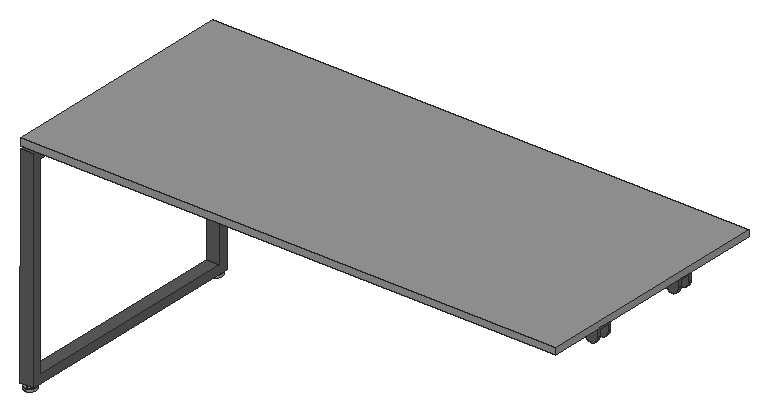
Revit family "Haworth_Tibas_Desk_Rectangular_EU_PRELIMINARY1", category Furniture, Revit 2019 (continued)
Definition of nested family "Haworth_Tibas_CableManagement_HorizontalCableTraySingle_PART"
  Reference planes (cm)
    plane 4 "Top": z = 45
    plane 5: z = 35
    plane 6: x = -89.6859
    plane 7: x = 58.3141
    plane 8: y = -19.21
    plane 9: y = -39.21
    plane 10: x = 32.3641
    plane 11: x = -63.7359
    plane 12: x = -17.9359
    plane 13: x = -13.4359
    plane 14: x = -82.7859
    plane 15: x = 51.4141
  Forms (cm)
    Extrusion 1, solid, material <- "Cable Tray Finish"
      sketch origin (-15.6859, 0, 0) x (0, 1, 0) y (0, 0, 1)
        loop
          arc (-37.3642, 35.0342) -> (-37.3263, 35.0089) -> (-37.2816, 35) r 0.1168
          line (-37.2816, 35) -> (-23.4537, 35)
          arc (-23.4537, 35) -> (-23.3662, 35.0362) -> (-23.33, 35.1237) r 0.1237
          line (-23.33, 35.1237) -> (-23.33, 38.32) -> (-23.43, 38.32) -> (-23.43, 35.1) -> (-37.2886, 35.1) -> (-38.9273, 36.7387) -> (-38.3836, 36.2092) -> (-38.3129, 36.2799) -> (-38.8753, 36.8423)
          arc (-38.8753, 36.8423) -> (-39.0238, 36.8423) -> (-39.0238, 36.6938) r 0.105
          line (-39.0238, 36.6938) -> (-37.3642, 35.0342)
      from -74 to 74
    Extrusion 2, solid, material <- "Cable Tray Finish"
      sketch origin (-15.6859, 0, 0) x (0, 1, 0) y (0, 0, 1)
        loop
          line (-19.31, 44.6) -> (-19.31, 42.7) -> (-19.21, 42.7) -> (-19.21, 44.575)
          arc (-19.21, 44.575) -> (-19.2466, 44.6634) -> (-19.335, 44.7) r 0.125
          line (-19.335, 44.7) -> (-23.305, 44.7)
          arc (-23.305, 44.7) -> (-23.3934, 44.6634) -> (-23.43, 44.575) r 0.125
          line (-23.43, 44.575) -> (-23.43, 38.32) -> (-23.33, 38.32) -> (-23.33, 44.6) -> (-19.31, 44.6)
      from -48.05 to 48.05
    Extrusion 3, void
      sketch origin (0, -29.21, 0) x (1, 0, 0) y (0, 0, 1)
        loop
          line (-17.9359, 45) -> (-17.9359, 43.7)
          arc (-17.9359, 43.7) -> (-18.2288, 42.9929) -> (-18.9359, 42.7) r 1
          line (-18.9359, 42.7) -> (-12.4359, 42.7)
          arc (-12.4359, 42.7) -> (-13.143, 42.9929) -> (-13.4359, 43.7) r 1
          line (-13.4359, 43.7) -> (-13.4359, 45) -> (-17.9359, 45)
      from -20.6953 to 2.1375
    Extrusion 4, void
      sketch origin (0, 0, 0) x (1, 0, 0) y (0, 1, 0)
        loop
          line (-82.7859, -27.3866) -> (-89.6859, -27.3866) -> (-89.6859, -33.3466) -> (-82.7859, -33.3466) -> (-82.7859, -27.3866)
      from 0 to 71.12
    Extrusion 5, void
      sketch origin (-31.3718, 0, 0) x (-1, 0, 0) y (0, -1, 0)
        loop
          line (-82.7859, 27.3866) -> (-82.7859, 33.3466) -> (-89.6859, 33.3466) -> (-89.6859, 27.3866) -> (-82.7859, 27.3866)
      from 0 to 71.12
  Cuts and joins
    Extrusion 4, Extrusion 5 cuts Extrusion 1
    Extrusion 3 cuts Extrusion 2
    joined: Extrusion 1, Extrusion 2
  Lines and regions (cm)
    Masking region 1
      outline origin (0, 0, 0) x (1, 0, 0) y (0, 1, 0)
        loop
          line (-89.6859, -19.21) -> (-89.6859, -39.21) -> (58.3141, -39.21) -> (58.3141, -19.21) -> (-89.6859, -19.21)
  Dimensions and locks (cm)
    "Actual Height": plane 4 "Top" to plane 1
    equal spacing: plane 8, plane 3 "Center F/B", plane 9
    "Actual Depth": plane 8 to plane 9
    equal spacing: plane 6, plane 2 "Center L/R", plane 7
    "Actual Width": plane 6 to plane 7
    "Actual Height": plane 4 "Top" to level
    locked: plane 5 to plane 4 "Top" at 10
    locked: plane 10 to plane 7 at 25.95
    locked: plane 6 to plane 11 at 25.95
    locked: plane 6 to plane 14 at 6.9
    locked: plane 15 to plane 7 at 6.9
    aligned and locked: Masking region 1 sketch curve to plane 8
    aligned and locked: Masking region 1 sketch curve to plane 6
    aligned and locked: Masking region 1 sketch curve to plane 9
    aligned and locked: plane 7 to Masking region 1 sketch curve
    aligned and locked: plane 6 to Extrusion 1
    aligned and locked: Extrusion 1 to plane 7
    aligned and locked: Extrusion 2 to plane 10
    aligned and locked: plane 11 to Extrusion 2
    aligned and locked: Extrusion 3 sketch curve to plane 13
    aligned and locked: Extrusion 3 sketch curve to plane 12
    aligned and locked: Extrusion 3 sketch curve to plane 4 "Top"
    aligned and locked: Extrusion 4 sketch curve to plane 6
    aligned and locked: Extrusion 5 sketch curve to plane 15
  Automatic sketch dimensions
    plane 5 to Extrusion 1 sketch curve = 0 cm
    Extrusion 1 sketch curve to plane 9 = 0.1862 cm
    Extrusion 1 sketch curve to Extrusion 1 sketch curve = 0.0742 cm  (x2)
    Extrusion 1 sketch curve to Extrusion 1 sketch curve = 0.0223 cm
    Extrusion 1 sketch curve to Extrusion 1 sketch curve = 0.5437 cm
    Extrusion 1 sketch curve to Extrusion 1 sketch curve = 0.0707 cm  (x2)
    Extrusion 1 sketch curve to plane 5 = 0.0342 cm
    Extrusion 1 sketch curve to Extrusion 1 sketch curve = 0.007 cm
    Extrusion 1 sketch curve to Extrusion 1 sketch curve = 0.1 cm
    Extrusion 1 sketch curve to Extrusion 1 sketch curve = 0.0168 cm
    Extrusion 1 sketch curve to plane 5 = 1.2092 cm
    Extrusion 1 sketch curve to Extrusion 1 sketch curve = 0.1485 cm
    Extrusion 1 sketch curve to Extrusion 1 sketch curve = 0.0293 cm
    Extrusion 1 sketch curve to Extrusion 1 sketch curve = 3.1963 cm
    Extrusion 2 sketch curve to plane 8 = 0 cm
    Extrusion 2 sketch curve to Extrusion 2 sketch curve = 0.1 cm  (x2)
    Extrusion 2 sketch curve to Extrusion 2 sketch curve = 0.025 cm  (x3)
    Extrusion 2 sketch curve to plane 4 "Top" = 0.3 cm
    Extrusion 2 sketch curve to Extrusion 2 sketch curve = 1.875 cm
    Extrusion 2 sketch curve to plane 5 = 3.32 cm
    Extrusion 3 sketch curve to Extrusion 3 sketch curve = 1 cm
    Extrusion 3 sketch curve to plane 13 = 1 cm
    Extrusion 3 sketch curve to plane 4 "Top" = 1.3 cm  (x2)
    Extrusion 3 sketch curve to Extrusion 3 sketch curve = 0 cm  (x3)
    Extrusion 4 sketch curve to plane 14 = 0 cm
    Extrusion 4 sketch curve to plane 3 "Center F/B" = 1.8234 cm
    Extrusion 5 sketch curve to plane 7 = 0 cm
    plane 3 "Center F/B" to Extrusion 5 sketch curve = 1.8234 cm
    Extrusion 1 sketch curve to plane 8 = 4.2437 cm
    Extrusion 1 sketch curve to Extrusion 1 sketch curve = 0.0237 cm
    Extrusion 2 sketch curve to Extrusion 2 sketch curve = 3.97 cm
    Extrusion 1 sketch curve to Extrusion 1 sketch curve = 1.0194 cm
    Extrusion 1 sketch curve to plane 5 = 0.1 cm
    plane 3 "Center F/B" to Extrusion 4 sketch curve = 4.1366 cm
    Extrusion 5 sketch curve to plane 3 "Center F/B" = 4.1366 cm
Definition of nested family "Haworth_Tibas_CableManagement_HorizontalCableTraySingleWire_PART"
  Parameters (values of type "Wire Basket")
    Warranty = "http://www.haworth.com/resources/product-info/warranties"
    URL = "www.haworth.com"
    Trim Finish = none
    Size = "Verify Final Dim. w/ Haworth"  # constant formula
    Revision Number = "1"  # constant formula
    Model = "Haworth -  Wire Basket "  # constant formula
    Manufacturer = "Haworth"  # constant formula
    Description = "Haworth -  Wire Basket "  # constant formula
    Cable Tray Finish [instance] = none
    Author = "Haworth (Abd Rahman)"  # constant formula
    Assembly Code = "E2020200"
    Actual Width = 200 cm
    Actual Depth = 16 cm  # constant formula
    80cm = yes
    200cm = yes
    180cm = yes
    160cm = yes
    140cm = yes
    120cm = yes
    100cm = yes
  Reference planes (cm)
    plane 1: z = 0
    plane 2 "Support Top": z = 74.1363
    plane 3: x = -79.1964
    plane 4: x = 120.8036
    plane 5: x = 20.8036
    plane 6: y = -4.3686
    plane 7 "Front": y = -20.3686
    plane 8: y = -12.3686
  Dimensions and locks (cm)
    locked: plane 2 "Support Top" to level at 74.1363
    equal spacing: plane 3, plane 5, plane 4
    "Actual Width": plane 3 to plane 4
    equal spacing: plane 6, plane 8, plane 7 "Front"
    "Actual Depth": plane 7 "Front" to plane 6
    aligned and locked: plane 5 to nested 1
    aligned and locked: plane 5 to nested 2
    aligned and locked: plane 5 to nested 3
    aligned and locked: plane 5 to nested 5
    aligned and locked: plane 5 to nested 4
    aligned and locked: plane 5 to nested 6
    aligned and locked: plane 8 to nested 1
    aligned and locked: plane 8 to nested 2
    aligned and locked: plane 8 to nested 3
    aligned and locked: plane 8 to nested 5
    aligned and locked: plane 8 to nested 6
    aligned and locked: plane 8 to nested 4
    aligned and locked: plane 5 to nested 7
    aligned and locked: plane 8 to nested 7
    aligned and locked: plane 2 "Support Top" to nested 5
    aligned and locked: plane 2 "Support Top" to nested 4
    aligned and locked: plane 2 "Support Top" to nested 6
    aligned and locked: plane 2 "Support Top" to nested 3
    aligned and locked: plane 2 "Support Top" to nested 7
    aligned and locked: plane 2 "Support Top" to nested 2
    aligned and locked: plane 2 "Support Top" to nested 1
  Nested families (cm)
    nested 1: "Haworth_Tibas_CableManagement_HorizontalCableTraySingleWire_80cm-PART" at (0, 0, 0), visible <- "80cm", type "Wire Basket Single - 80cm"
    nested 2: "Haworth_Tibas_CableManagement_HorizontalCableTraySingleWire_100cm-PART" at (0, 0, 0), visible <- "100cm", type "Wire Basket Single - 100cm"
    nested 3: "Haworth_Tibas_CableManagement_HorizontalCableTraySingleWire_140cm-PART" at (0, 0, 0), visible <- "140cm", type "Wire Basket Single - 140cm"
    nested 4: "Haworth_Tibas_CableManagement_HorizontalCableTraySingleWire_180cm-PART" at (0, 0, 0), visible <- "180cm", type "Wire Basket Single - 180cm"
    nested 5: "Haworth_Tibas_CableManagement_HorizontalCableTraySingleWire_200cm-PART" at (0, 0, 0), visible <- "200cm", type "Wire Basket Single - 200cm"
    nested 6: "Haworth_Tibas_CableManagement_HorizontalCableTraySingleWire_160cm-PART" at (0, 0, 0), visible <- "160cm", type "Wire Basket Single - 160cm"
    nested 7: "Haworth_Tibas_CableManagement_HorizontalCableTraySingleWire_120cm-PART" at (0, 0, 0), visible <- "120cm", type "Wire Basket Single - 120cm"
  Definition of nested family "Haworth_Tibas_CableManagement_HorizontalCableTraySingleWire_80cm-PART"
    Parameters (values of type "Wire Basket Single - 80cm")
      Warranty = "http://www.haworth.com/resources/product-info/warranties"
      Void Width = 20 cm  # constant formula
      URL = "www.haworth.com"
      Trim Finish = none
      Size = "Verify Final Dim. w/ Haworth"  # constant formula
      Revision Number = "1"  # constant formula
      Model = "Haworth -  Wire Basket "  # constant formula
      Manufacturer = "Haworth"  # constant formula
      Description = "Haworth -  Wire Basket 80cm "  # constant formula
      Cable Tray Finish = none
      Author = "Haworth (Abd Rahman)"  # constant formula
      Assembly Code = "E2020200"
      Actual Width = 80 cm  # constant formula
      Actual Depth = 16 cm  # constant formula
    Reference planes (cm)
      plane 1: z = 0
      plane 2 "Support Top": z = 74.1363
      plane 3: x = 20.8036
      plane 4: y = -4.3686
      plane 5 "Front": y = -20.3686
      plane 6: y = -12.3686
      plane 7: x = -19.1964
      plane 8: x = 60.8036
    Forms (cm)
      Extrusion 1, solid, material <- "Cable Tray Finish"
        sketch origin (-68.41, -24.7371, 0) x (0, 1, 0) y (0, 0, -1)
          loop
            line (5.5335, -74.1362) -> (5.5335, -68.4381)
            arc (5.5335, -68.4381) -> (5.5922, -68.2965) -> (5.7338, -68.2378) r 0.2003
            line (5.7338, -68.2378) -> (19.8574, -68.2378)
            arc (19.8574, -68.2378) -> (20.0023, -68.2979) -> (20.0623, -68.4428) r 0.205
            line (20.0623, -68.4428) -> (20.0623, -74.1362) -> (20.3686, -74.1362) -> (20.3686, -68.4261)
            arc (20.3686, -68.4261) -> (20.2547, -68.1513) -> (19.9799, -68.0374) r 0.3886
            line (19.9799, -68.0374) -> (5.7294, -68.0374)
            arc (5.7294, -68.0374) -> (5.455, -68.1511) -> (5.3413, -68.4255) r 0.3881
            line (5.3413, -68.4255) -> (5.3413, -74.1362) -> (5.5335, -74.1362)
        from -129.2136 to -49.2136
      Extrusion 2, void
        sketch origin (0, -2.9666, 0) x (1, 0, 0) y (0, 0, -1)
          loop
            line (-19.011, -73.9397) -> (-14.4684, -73.9397) -> (-14.4684, -70.6269) -> (-19.011, -70.6269) -> (-19.011, -73.9397)
          loop
            line (-14.4684, -70.4411) -> (-14.4684, -68.6582) -> (-19.011, -68.6582) -> (-19.011, -70.4411) -> (-14.4684, -70.4411)
          loop
            line (-14.261, -73.9397) -> (-8.4684, -73.9397) -> (-8.4684, -70.6269) -> (-14.261, -70.6269) -> (-14.261, -73.9397)
          loop
            line (-8.4684, -70.4411) -> (-8.4684, -68.6582) -> (-14.261, -68.6582) -> (-14.261, -70.4411) -> (-8.4684, -70.4411)
          loop
            line (-8.261, -73.9397) -> (-2.4684, -73.9397) -> (-2.4684, -70.6269) -> (-8.261, -70.6269) -> (-8.261, -73.9397)
          loop
            line (-2.4684, -70.4411) -> (-2.4684, -68.6448) -> (-8.261, -68.6448) -> (-8.261, -70.4411) -> (-2.4684, -70.4411)
          loop
            line (-2.261, -73.9397) -> (3.5316, -73.9397) -> (3.5316, -70.6269) -> (-2.261, -70.6269) -> (-2.261, -73.9397)
          loop
            line (3.5316, -70.4411) -> (3.5316, -68.6582) -> (-2.261, -68.6582) -> (-2.261, -70.4411) -> (3.5316, -70.4411)
          loop
            line (3.739, -73.9397) -> (9.5316, -73.9397) -> (9.5316, -70.6269) -> (3.739, -70.6269) -> (3.739, -73.9397)
          loop
            line (9.5316, -70.4411) -> (9.5316, -68.6582) -> (3.739, -68.6582) -> (3.739, -70.4411) -> (9.5316, -70.4411)
          loop
            line (9.739, -73.9397) -> (15.5316, -73.9397) -> (15.5316, -70.6269) -> (9.739, -70.6269) -> (9.739, -73.9397)
          loop
            line (15.5316, -70.4411) -> (15.5316, -68.6582) -> (9.739, -68.6582) -> (9.739, -70.4411) -> (15.5316, -70.4411)
          loop
            line (15.739, -73.9397) -> (21.5316, -73.9397) -> (21.5316, -70.6269) -> (15.739, -70.6269) -> (15.739, -73.9397)
          loop
            line (21.5316, -70.4411) -> (21.5316, -68.6582) -> (15.739, -68.6582) -> (15.739, -70.4411) -> (21.5316, -70.4411)
          loop
            line (21.739, -73.9397) -> (27.5316, -73.9397) -> (27.5316, -70.6269) -> (21.739, -70.6269) -> (21.739, -73.9397)
          loop
            line (27.5316, -70.4411) -> (27.5316, -68.6582) -> (21.739, -68.6582) -> (21.739, -70.4411) -> (27.5316, -70.4411)
          loop
            line (27.739, -73.9397) -> (33.5316, -73.9397) -> (33.5316, -70.6269) -> (27.739, -70.6269) -> (27.739, -73.9397)
          loop
            line (33.5316, -70.4411) -> (33.5316, -68.6448) -> (27.739, -68.6448) -> (27.739, -70.4411) -> (33.5316, -70.4411)
          loop
            line (33.739, -73.9397) -> (39.5316, -73.9397) -> (39.5316, -70.6269) -> (33.739, -70.6269) -> (33.739, -73.9397)
          loop
            line (39.5316, -70.4411) -> (39.5316, -68.6582) -> (33.739, -68.6582) -> (33.739, -70.4411) -> (39.5316, -70.4411)
          loop
            line (39.739, -73.9397) -> (45.5316, -73.9397) -> (45.5316, -70.6269) -> (39.739, -70.6269) -> (39.739, -73.9397)
          loop
            line (45.5316, -70.4411) -> (45.5316, -68.6582) -> (39.739, -68.6582) -> (39.739, -70.4411) -> (45.5316, -70.4411)
          loop
            line (45.739, -73.9397) -> (51.5316, -73.9397) -> (51.5316, -70.6269) -> (45.739, -70.6269) -> (45.739, -73.9397)
          loop
            line (51.5316, -70.4411) -> (51.5316, -68.6582) -> (45.739, -68.6582) -> (45.739, -70.4411) -> (51.5316, -70.4411)
          loop
            line (51.739, -73.9397) -> (57.5316, -73.9397) -> (57.5316, -70.6269) -> (51.739, -70.6269) -> (51.739, -73.9397)
          loop
            line (57.5316, -70.4411) -> (57.5316, -68.6582) -> (51.739, -68.6582) -> (51.739, -70.4411) -> (57.5316, -70.4411)
          loop
            line (57.739, -73.9397) -> (60.5316, -73.9397) -> (60.5316, -70.6269) -> (57.739, -70.6269) -> (57.739, -73.9397)
          loop
            line (60.5316, -70.4411) -> (60.5316, -68.6582) -> (57.739, -68.6582) -> (57.739, -70.4411) -> (60.5316, -70.4411)
        from -21.2076 to 0.5784
      Extrusion 3, void
        sketch origin (0, -24.7371, 0) x (1, 0, 0) y (0, 1, 0)
          loop
            line (-18.761, 5.9663) -> (-12.9684, 5.9663) -> (-12.9684, 20.0623) -> (-18.761, 20.0623) -> (-18.761, 5.9663)
          loop
            line (-12.761, 5.9663) -> (-6.9555, 5.9663) -> (-6.9555, 20.0623) -> (-12.761, 20.0623) -> (-12.761, 5.9663)
          loop
            line (-6.748, 5.9663) -> (-0.9555, 5.9663) -> (-0.9555, 20.0623) -> (-6.748, 20.0623) -> (-6.748, 5.9663)
          loop
            line (-0.748, 5.9663) -> (5.0575, 5.9663) -> (5.0575, 20.0623) -> (-0.748, 20.0623) -> (-0.748, 5.9663)
          loop
            line (5.2779, 5.9663) -> (11.0704, 5.9663) -> (11.0704, 20.0623) -> (5.2779, 20.0623) -> (5.2779, 5.9663)
          loop
            line (11.2779, 5.9663) -> (17.0834, 5.9663) -> (17.0834, 20.0623) -> (11.2779, 20.0623) -> (11.2779, 5.9663)
          loop
            line (17.2908, 5.9663) -> (23.0963, 5.9663) -> (23.0963, 20.0623) -> (17.2908, 20.0623) -> (17.2908, 5.9663)
          loop
            line (23.3038, 5.9663) -> (29.0963, 5.9663) -> (29.0963, 20.0623) -> (23.3038, 20.0623) -> (23.3038, 5.9663)
          loop
            line (29.3038, 5.9663) -> (35.1093, 5.9663) -> (35.1093, 20.0623) -> (29.3038, 20.0623) -> (29.3038, 5.9663)
          loop
            line (35.3297, 5.9663) -> (41.1222, 5.9663) -> (41.1222, 20.0623) -> (35.3297, 20.0623) -> (35.3297, 5.9663)
          loop
            line (41.3297, 5.9663) -> (47.1351, 5.9663) -> (47.1351, 20.0623) -> (41.3297, 20.0623) -> (41.3297, 5.9663)
          loop
            line (47.3426, 5.9663) -> (53.1481, 5.9663) -> (53.1481, 20.0623) -> (47.3426, 20.0623) -> (47.3426, 5.9663)
          loop
            line (53.3556, 5.9663) -> (60.1481, 5.9663) -> (60.1481, 20.0623) -> (53.3556, 20.0623) -> (53.3556, 5.9663)
        from 0 to 76.0995
      Extrusion 4, solid, material <- "Trim Finish"
        sketch origin (-32.3038, 0.625, 79.9413) x (0, -1, 0) y (0, 0, 1)
          loop
            line (24.1542, -2.8) -> (20.1466, -2.8)
            arc (20.1466, -2.8) -> (19.9893, -2.8651) -> (19.9242, -3.0224) r 0.2224
            line (19.9242, -3.0224) -> (19.9242, -5.6) -> (19.6482, -5.6)
            arc (19.6482, -5.6) -> (19.4898, -5.6656) -> (19.4242, -5.824) r 0.224
            line (19.4242, -5.824) -> (19.4242, -12.25) -> (7.5501, -12.25)
            arc (7.5501, -12.25) -> (7.3251, -12.025) -> (7.5501, -11.8) r 0.225
            line (7.5501, -11.8) -> (8.3242, -11.8) -> (8.3242, -11.6) -> (7.5483, -11.6)
            arc (7.5483, -11.6) -> (7.1233, -12.025) -> (7.5483, -12.45) r 0.425
            line (7.5483, -12.45) -> (19.4019, -12.45)
            arc (19.4019, -12.45) -> (19.5591, -12.3849) -> (19.6242, -12.2277) r 0.2223
            line (19.6242, -12.2277) -> (19.6242, -5.8) -> (19.9029, -5.8)
            arc (19.9029, -5.8) -> (20.0594, -5.7352) -> (20.1242, -5.5787) r 0.2213
            line (20.1242, -5.5787) -> (20.1242, -3) -> (24.1742, -3) -> (24.1742, -6) -> (24.3742, -6) -> (24.3742, -3.02)
            arc (24.3742, -3.02) -> (24.3098, -2.8644) -> (24.1542, -2.8) r 0.22
        from -36.501 to -33.501
      Extrusion 5, solid, material <- "Trim Finish"
        sketch origin (73.911, 0.625, 79.9413) x (0, -1, 0) y (0, 0, -1)
          loop
            arc (24.1542, 2.8) -> (24.3098, 2.8644) -> (24.3742, 3.02) r 0.22
            line (24.3742, 3.02) -> (24.3742, 6) -> (24.1742, 6) -> (24.1742, 3) -> (20.1242, 3) -> (20.1242, 5.5787)
            arc (20.1242, 5.5787) -> (20.0594, 5.7352) -> (19.9029, 5.8) r 0.2213
            line (19.9029, 5.8) -> (19.6242, 5.8) -> (19.6242, 12.2277)
            arc (19.6242, 12.2277) -> (19.5591, 12.3849) -> (19.4019, 12.45) r 0.2223
            line (19.4019, 12.45) -> (7.5483, 12.45)
            arc (7.5483, 12.45) -> (7.1233, 12.025) -> (7.5483, 11.6) r 0.425
            line (7.5483, 11.6) -> (8.3242, 11.6) -> (8.3242, 11.8) -> (7.5501, 11.8)
            arc (7.5501, 11.8) -> (7.3251, 12.025) -> (7.5501, 12.25) r 0.225
            line (7.5501, 12.25) -> (19.4242, 12.25) -> (19.4242, 5.824)
            arc (19.4242, 5.824) -> (19.4898, 5.6656) -> (19.6482, 5.6) r 0.224
            line (19.6482, 5.6) -> (19.9242, 5.6) -> (19.9242, 3.0224)
            arc (19.9242, 3.0224) -> (19.9893, 2.8651) -> (20.1466, 2.8) r 0.2224
            line (20.1466, 2.8) -> (24.1542, 2.8)
        from -36.501 to -33.501
    Cuts and joins
      Extrusion 2, Extrusion 3 cuts Extrusion 1
    Lines and regions (cm)
      Masking region 1
        outline origin (0, 0, 0) x (1, 0, 0) y (0, 1, 0)
          loop
            line (-19.1964, -4.3686) -> (-19.1964, -20.3686) -> (60.8036, -20.3686) -> (60.8036, -4.3686) -> (-19.1964, -4.3686)
    Dimensions and locks (cm)
      locked: plane 2 "Support Top" to level at 74.1363
      equal spacing: plane 4, plane 6, plane 5 "Front"
      "Actual Depth": plane 5 "Front" to plane 4
      equal spacing: plane 7, plane 3, plane 8
      "Actual Width": plane 7 to plane 8
      aligned and locked: plane 4 to cut or joined group of Extrusion 1, Extrusion 2, Extrusion 3
      aligned and locked: Masking region 1 sketch curve to plane 4
      aligned and locked: Masking region 1 sketch curve to plane 5 "Front"
      aligned and locked: cut or joined group of Extrusion 1, Extrusion 2, Extrusion 3 to plane 7
      aligned and locked: Masking region 1 to plane 7
      aligned and locked: plane 8 to cut or joined group of Extrusion 1, Extrusion 2, Extrusion 3
      aligned and locked: plane 8 to Masking region 1
    Automatic sketch dimensions
      Extrusion 1 sketch curve to plane 2 "Support Top" = 0 cm  (x2)
      Extrusion 1 sketch curve to plane 4 = 0 cm
      Extrusion 1 sketch curve to Extrusion 1 sketch curve = 0.3062 cm
      Extrusion 1 sketch curve to plane 4 = 0.3886 cm
      Extrusion 1 sketch curve to Extrusion 1 sketch curve = 0.1226 cm
      Extrusion 1 sketch curve to plane 5 "Front" = 1.3652 cm
      Extrusion 1 sketch curve to Extrusion 1 sketch curve = 0.0044 cm
      Extrusion 1 sketch curve to Extrusion 1 sketch curve = 0.1959 cm
      Extrusion 1 sketch curve to Extrusion 1 sketch curve = 0.1923 cm
      Extrusion 1 sketch curve to plane 2 "Support Top" = 5.6934 cm
      Extrusion 1 sketch curve to Extrusion 1 sketch curve = 0.0167 cm
      plane 7 to Extrusion 2 sketch curve = 0.1855 cm  (x2)
      Extrusion 2 sketch curve to plane 2 "Support Top" = 0.1965 cm  (x14)
      Extrusion 2 sketch curve to Extrusion 2 sketch curve = 4.5425 cm
      Extrusion 2 sketch curve to Extrusion 2 sketch curve = 0 cm  (x30)
      Extrusion 2 sketch curve to Extrusion 2 sketch curve = 0.2075 cm  (x18)
      Extrusion 2 sketch curve to Extrusion 2 sketch curve = 5.7925 cm  (x9)
      Extrusion 2 sketch curve to plane 3 = 5.272 cm
      plane 3 to Extrusion 2 sketch curve = 0.728 cm  (x2)
      Extrusion 2 sketch curve to plane 8 = 3.272 cm
      Extrusion 2 sketch curve to plane 8 = 0.272 cm  (x2)
      Extrusion 2 sketch curve to Extrusion 2 sketch curve = 3.3128 cm  (x5)
      Extrusion 2 sketch curve to Extrusion 2 sketch curve = 0.1859 cm  (x14)
      Extrusion 2 sketch curve to Extrusion 2 sketch curve = 1.7829 cm  (x11)
      Extrusion 2 sketch curve to Extrusion 2 sketch curve = 0.0134 cm  (x2)
      Extrusion 3 sketch curve to plane 7 = 0.4355 cm
      plane 4 to Extrusion 3 sketch curve = 0.3062 cm  (x8)
      Extrusion 3 sketch curve to Extrusion 3 sketch curve = 5.7925 cm  (x5)
      Extrusion 3 sketch curve to Extrusion 3 sketch curve = 0.2075 cm  (x10)
      Extrusion 3 sketch curve to Extrusion 3 sketch curve = 5.8055 cm  (x5)
      plane 5 "Front" to Extrusion 3 sketch curve = 1.5977 cm  (x5)
      Extrusion 3 sketch curve to Extrusion 3 sketch curve = 0.2204 cm  (x2)
      plane 3 to Extrusion 3 sketch curve = 3.7202 cm
      Extrusion 3 sketch curve to plane 3 = 2.2927 cm
      plane 8 to Extrusion 3 sketch curve = 0.6555 cm
      Extrusion 3 sketch curve to Extrusion 3 sketch curve = 0 cm  (x13)
      Masking region 1 sketch curve to plane 7 = 0 cm
      Masking region 1 sketch curve to plane 8 = 0 cm
      Extrusion 4 sketch curve to plane 4 = 2.5547 cm
      Extrusion 4 sketch curve to Extrusion 4 sketch curve = 0.0018 cm
      Extrusion 4 sketch curve to Extrusion 4 sketch curve = 0.7759 cm
      Extrusion 4 sketch curve to plane 5 "Front" = 1.5916 cm
      Extrusion 4 sketch curve to Extrusion 4 sketch curve = 0.0223 cm
      plane 2 "Support Top" to Extrusion 4 sketch curve = 0.005 cm
      Extrusion 4 sketch curve to Extrusion 4 sketch curve = 0.2 cm  (x4)
      Extrusion 4 sketch curve to Extrusion 4 sketch curve = 0.024 cm
      Extrusion 4 sketch curve to Extrusion 4 sketch curve = 0.2547 cm
      Extrusion 4 sketch curve to plane 5 "Front" = 1.0694 cm
      Extrusion 4 sketch curve to Extrusion 4 sketch curve = 0.0224 cm
      plane 5 "Front" to Extrusion 4 sketch curve = 3.1606 cm
      Extrusion 4 sketch curve to Extrusion 4 sketch curve = 0.02 cm  (x2)
      Extrusion 4 sketch curve to plane 2 "Support Top" = 0.019 cm
      Extrusion 4 sketch curve to plane 2 "Support Top" = 0.195 cm
      Extrusion 4 sketch curve to plane 2 "Support Top" = 5.795 cm
      Extrusion 4 sketch curve to Extrusion 4 sketch curve = 0.225 cm
      Extrusion 4 sketch curve to Extrusion 4 sketch curve = 0 cm
      Extrusion 4 sketch curve to Extrusion 4 sketch curve = 2.5563 cm
      Extrusion 5 sketch curve to plane 4 = 2.5547 cm
      Extrusion 5 sketch curve to Extrusion 5 sketch curve = 0.0018 cm
      Extrusion 5 sketch curve to Extrusion 5 sketch curve = 0.7759 cm
      Extrusion 5 sketch curve to plane 5 "Front" = 1.5916 cm
      Extrusion 5 sketch curve to Extrusion 5 sketch curve = 0.0223 cm
      plane 2 "Support Top" to Extrusion 5 sketch curve = 0.005 cm
      Extrusion 5 sketch curve to Extrusion 5 sketch curve = 0.2 cm  (x5)
      Extrusion 5 sketch curve to Extrusion 5 sketch curve = 0.024 cm
      Extrusion 5 sketch curve to Extrusion 5 sketch curve = 0.2547 cm
      Extrusion 5 sketch curve to plane 5 "Front" = 1.0694 cm
      Extrusion 5 sketch curve to Extrusion 5 sketch curve = 0.0224 cm
      plane 5 "Front" to Extrusion 5 sketch curve = 3.1606 cm
      Extrusion 5 sketch curve to Extrusion 5 sketch curve = 0.02 cm  (x2)
      Extrusion 5 sketch curve to Extrusion 5 sketch curve = 2.5563 cm
      Extrusion 5 sketch curve to plane 2 "Support Top" = 0.195 cm
      Extrusion 5 sketch curve to plane 2 "Support Top" = 5.795 cm
      Extrusion 5 sketch curve to Extrusion 5 sketch curve = 0.225 cm
      Extrusion 5 sketch curve to Extrusion 5 sketch curve = 0 cm
  Definition of nested family "Haworth_Tibas_CableManagement_HorizontalCableTraySingleWire_100cm-PART"
    Parameters (values of type "Wire Basket Single - 100cm")
      Warranty = "http://www.haworth.com/resources/product-info/warranties"
      Void Width = 20 cm  # constant formula
      URL = "www.haworth.com"
      Trim Finish = none
      Size = "Verify Final Dim. w/ Haworth"  # constant formula
      Revision Number = "1"  # constant formula
      Model = "Haworth -  Wire Basket "  # constant formula
      Manufacturer = "Haworth"  # constant formula
      Description = "Haworth -  Wire Basket 100cm "  # constant formula
      Cable Tray Finish = none
      Author = "Haworth (Abd Rahman)"  # constant formula
      Assembly Code = "E2020200"
      Actual Width = 100 cm  # constant formula
      Actual Depth = 16 cm  # constant formula
    Reference planes (cm)
      plane 1: z = 0
      plane 2 "Support Top": z = 74.1363
      plane 3: x = 20.8036
      plane 4: y = -4.3686
      plane 5 "Front": y = -20.3686
      plane 6: y = -12.3686
      plane 7: x = 70.8036
      plane 8: x = -29.1964
    Forms (cm)
      Extrusion 1, solid, material <- "Cable Tray Finish"
        sketch origin (-68.41, -24.7371, 0) x (0, 1, 0) y (0, 0, -1)
          loop
            line (5.5335, -74.1362) -> (5.5335, -68.4381)
            arc (5.5335, -68.4381) -> (5.5922, -68.2965) -> (5.7338, -68.2378) r 0.2003
            line (5.7338, -68.2378) -> (19.8574, -68.2378)
            arc (19.8574, -68.2378) -> (20.0023, -68.2979) -> (20.0623, -68.4428) r 0.205
            line (20.0623, -68.4428) -> (20.0623, -74.1362) -> (20.3686, -74.1362) -> (20.3686, -68.4261)
            arc (20.3686, -68.4261) -> (20.2547, -68.1513) -> (19.9799, -68.0374) r 0.3886
            line (19.9799, -68.0374) -> (5.7294, -68.0374)
            arc (5.7294, -68.0374) -> (5.455, -68.1511) -> (5.3413, -68.4255) r 0.3881
            line (5.3413, -68.4255) -> (5.3413, -74.1362) -> (5.5335, -74.1362)
        from -139.2136 to -39.2136
      Extrusion 2, void
        sketch origin (0, -2.9666, 0) x (1, 0, 0) y (0, 0, -1)
          loop
            line (-29.011, -73.9397) -> (-26.4684, -73.9397) -> (-26.4684, -70.6269) -> (-29.011, -70.6269) -> (-29.011, -73.9397)
          loop
            line (-26.4684, -70.4411) -> (-26.4684, -68.6448) -> (-29.011, -68.6448) -> (-29.011, -70.4411) -> (-26.4684, -70.4411)
          loop
            line (-26.261, -73.9397) -> (-20.4684, -73.9397) -> (-20.4684, -70.6269) -> (-26.261, -70.6269) -> (-26.261, -73.9397)
          loop
            line (-20.4684, -70.4411) -> (-20.4684, -68.6582) -> (-26.261, -68.6582) -> (-26.261, -70.4411) -> (-20.4684, -70.4411)
          loop
            line (-20.261, -73.9397) -> (-14.4684, -73.9397) -> (-14.4684, -70.6269) -> (-20.261, -70.6269) -> (-20.261, -73.9397)
          loop
            line (-14.4684, -70.4411) -> (-14.4684, -68.6582) -> (-20.261, -68.6582) -> (-20.261, -70.4411) -> (-14.4684, -70.4411)
          loop
            line (-14.261, -73.9397) -> (-8.4684, -73.9397) -> (-8.4684, -70.6269) -> (-14.261, -70.6269) -> (-14.261, -73.9397)
          loop
            line (-8.4684, -70.4411) -> (-8.4684, -68.6582) -> (-14.261, -68.6582) -> (-14.261, -70.4411) -> (-8.4684, -70.4411)
          loop
            line (-8.261, -73.9397) -> (-2.4684, -73.9397) -> (-2.4684, -70.6269) -> (-8.261, -70.6269) -> (-8.261, -73.9397)
          loop
            line (-2.4684, -70.4411) -> (-2.4684, -68.6448) -> (-8.261, -68.6448) -> (-8.261, -70.4411) -> (-2.4684, -70.4411)
          loop
            line (-2.261, -73.9397) -> (3.5316, -73.9397) -> (3.5316, -70.6269) -> (-2.261, -70.6269) -> (-2.261, -73.9397)
          loop
            line (3.5316, -70.4411) -> (3.5316, -68.6582) -> (-2.261, -68.6582) -> (-2.261, -70.4411) -> (3.5316, -70.4411)
          loop
            line (3.739, -73.9397) -> (9.5316, -73.9397) -> (9.5316, -70.6269) -> (3.739, -70.6269) -> (3.739, -73.9397)
          loop
            line (9.5316, -70.4411) -> (9.5316, -68.6582) -> (3.739, -68.6582) -> (3.739, -70.4411) -> (9.5316, -70.4411)
          loop
            line (9.739, -73.9397) -> (15.5316, -73.9397) -> (15.5316, -70.6269) -> (9.739, -70.6269) -> (9.739, -73.9397)
          loop
            line (15.5316, -70.4411) -> (15.5316, -68.6582) -> (9.739, -68.6582) -> (9.739, -70.4411) -> (15.5316, -70.4411)
          loop
            line (15.739, -73.9397) -> (21.5316, -73.9397) -> (21.5316, -70.6269) -> (15.739, -70.6269) -> (15.739, -73.9397)
          loop
            line (21.5316, -70.4411) -> (21.5316, -68.6582) -> (15.739, -68.6582) -> (15.739, -70.4411) -> (21.5316, -70.4411)
          loop
            line (21.739, -73.9397) -> (27.5316, -73.9397) -> (27.5316, -70.6269) -> (21.739, -70.6269) -> (21.739, -73.9397)
          loop
            line (27.5316, -70.4411) -> (27.5316, -68.6582) -> (21.739, -68.6582) -> (21.739, -70.4411) -> (27.5316, -70.4411)
          loop
            line (27.739, -73.9397) -> (33.5316, -73.9397) -> (33.5316, -70.6269) -> (27.739, -70.6269) -> (27.739, -73.9397)
          loop
            line (33.5316, -70.4411) -> (33.5316, -68.6448) -> (27.739, -68.6448) -> (27.739, -70.4411) -> (33.5316, -70.4411)
          loop
            line (33.739, -73.9397) -> (39.5316, -73.9397) -> (39.5316, -70.6269) -> (33.739, -70.6269) -> (33.739, -73.9397)
          loop
            line (39.5316, -70.4411) -> (39.5316, -68.6582) -> (33.739, -68.6582) -> (33.739, -70.4411) -> (39.5316, -70.4411)
          loop
            line (39.739, -73.9397) -> (45.5316, -73.9397) -> (45.5316, -70.6269) -> (39.739, -70.6269) -> (39.739, -73.9397)
          loop
            line (45.5316, -70.4411) -> (45.5316, -68.6582) -> (39.739, -68.6582) -> (39.739, -70.4411) -> (45.5316, -70.4411)
          loop
            line (45.739, -73.9397) -> (51.5316, -73.9397) -> (51.5316, -70.6269) -> (45.739, -70.6269) -> (45.739, -73.9397)
          loop
            line (51.5316, -70.4411) -> (51.5316, -68.6582) -> (45.739, -68.6582) -> (45.739, -70.4411) -> (51.5316, -70.4411)
          loop
            line (51.739, -73.9397) -> (57.5316, -73.9397) -> (57.5316, -70.6269) -> (51.739, -70.6269) -> (51.739, -73.9397)
          loop
            line (57.5316, -70.4411) -> (57.5316, -68.6582) -> (51.739, -68.6582) -> (51.739, -70.4411) -> (57.5316, -70.4411)
          loop
            line (57.739, -73.9397) -> (63.5316, -73.9397) -> (63.5316, -70.6269) -> (57.739, -70.6269) -> (57.739, -73.9397)
          loop
            line (63.5316, -70.4411) -> (63.5316, -68.6582) -> (57.739, -68.6582) -> (57.739, -70.4411) -> (63.5316, -70.4411)
          loop
            line (63.739, -73.9397) -> (70.5316, -73.9397) -> (70.5316, -70.6269) -> (63.739, -70.6269) -> (63.739, -73.9397)
          loop
            line (70.5316, -70.4411) -> (70.5316, -68.6448) -> (63.739, -68.6448) -> (63.739, -70.4411) -> (70.5316, -70.4411)
        from -21.2076 to 0.5784
      Extrusion 3, void
        sketch origin (0, -24.7371, 0) x (1, 0, 0) y (0, 1, 0)
          loop
            line (-28.761, 5.9663) -> (-24.9684, 5.9663) -> (-24.9684, 20.0623) -> (-28.761, 20.0623) -> (-28.761, 5.9663)
          loop
            line (-24.761, 5.9663) -> (-18.9555, 5.9663) -> (-18.9555, 20.0623) -> (-24.761, 20.0623) -> (-24.761, 5.9663)
          loop
            line (-18.761, 5.9663) -> (-12.9684, 5.9663) -> (-12.9684, 20.0623) -> (-18.761, 20.0623) -> (-18.761, 5.9663)
          loop
            line (-12.761, 5.9663) -> (-6.9555, 5.9663) -> (-6.9555, 20.0623) -> (-12.761, 20.0623) -> (-12.761, 5.9663)
          loop
            line (-6.748, 5.9663) -> (-0.9555, 5.9663) -> (-0.9555, 20.0623) -> (-6.748, 20.0623) -> (-6.748, 5.9663)
          loop
            line (-0.748, 5.9663) -> (5.0575, 5.9663) -> (5.0575, 20.0623) -> (-0.748, 20.0623) -> (-0.748, 5.9663)
          loop
            line (5.2779, 5.9663) -> (11.0704, 5.9663) -> (11.0704, 20.0623) -> (5.2779, 20.0623) -> (5.2779, 5.9663)
          loop
            line (11.2779, 5.9663) -> (17.0834, 5.9663) -> (17.0834, 20.0623) -> (11.2779, 20.0623) -> (11.2779, 5.9663)
          loop
            line (17.2908, 5.9663) -> (23.0963, 5.9663) -> (23.0963, 20.0623) -> (17.2908, 20.0623) -> (17.2908, 5.9663)
          loop
            line (23.3038, 5.9663) -> (29.0963, 5.9663) -> (29.0963, 20.0623) -> (23.3038, 20.0623) -> (23.3038, 5.9663)
          loop
            line (29.3038, 5.9663) -> (35.1093, 5.9663) -> (35.1093, 20.0623) -> (29.3038, 20.0623) -> (29.3038, 5.9663)
          loop
            line (35.3297, 5.9663) -> (41.1222, 5.9663) -> (41.1222, 20.0623) -> (35.3297, 20.0623) -> (35.3297, 5.9663)
          loop
            line (41.3297, 5.9663) -> (47.1351, 5.9663) -> (47.1351, 20.0623) -> (41.3297, 20.0623) -> (41.3297, 5.9663)
          loop
            line (47.3426, 5.9663) -> (53.1481, 5.9663) -> (53.1481, 20.0623) -> (47.3426, 20.0623) -> (47.3426, 5.9663)
          loop
            line (53.3556, 5.9663) -> (59.1481, 5.9663) -> (59.1481, 20.0623) -> (53.3556, 20.0623) -> (53.3556, 5.9663)
          loop
            line (59.3556, 5.9663) -> (65.161, 5.9663) -> (65.161, 20.0623) -> (59.3556, 20.0623) -> (59.3556, 5.9663)
          loop
            line (65.3815, 5.9663) -> (70.424, 5.9663) -> (70.424, 20.0623) -> (65.3815, 20.0623) -> (65.3815, 5.9663)
        from 0 to 76.0995
      Extrusion 4, solid, material <- "Trim Finish"
        sketch origin (85.411, 0.625, 79.9413) x (0, -1, 0) y (0, 0, -1)
          loop
            arc (24.1542, 2.8) -> (24.3098, 2.8644) -> (24.3742, 3.02) r 0.22
            line (24.3742, 3.02) -> (24.3742, 6) -> (24.1742, 6) -> (24.1742, 3) -> (20.1242, 3) -> (20.1242, 5.5787)
            arc (20.1242, 5.5787) -> (20.0594, 5.7352) -> (19.9029, 5.8) r 0.2213
            line (19.9029, 5.8) -> (19.6242, 5.8) -> (19.6242, 12.2277)
            arc (19.6242, 12.2277) -> (19.5591, 12.3849) -> (19.4019, 12.45) r 0.2223
            line (19.4019, 12.45) -> (7.5483, 12.45)
            arc (7.5483, 12.45) -> (7.1233, 12.025) -> (7.5483, 11.6) r 0.425
            line (7.5483, 11.6) -> (8.3242, 11.6) -> (8.3242, 11.8) -> (7.5501, 11.8)
            arc (7.5501, 11.8) -> (7.3251, 12.025) -> (7.5501, 12.25) r 0.225
            line (7.5501, 12.25) -> (19.4242, 12.25) -> (19.4242, 5.824)
            arc (19.4242, 5.824) -> (19.4898, 5.6656) -> (19.6482, 5.6) r 0.224
            line (19.6482, 5.6) -> (19.9242, 5.6) -> (19.9242, 3.0224)
            arc (19.9242, 3.0224) -> (19.9893, 2.8651) -> (20.1466, 2.8) r 0.2224
            line (20.1466, 2.8) -> (24.1542, 2.8)
        from -36.501 to -33.501
      Extrusion 5, solid, material <- "Trim Finish"
        sketch origin (-38.8038, 0.625, 79.9413) x (0, -1, 0) y (0, 0, 1)
          loop
            line (24.1542, -2.8) -> (20.1466, -2.8)
            arc (20.1466, -2.8) -> (19.9893, -2.8651) -> (19.9242, -3.0224) r 0.2224
            line (19.9242, -3.0224) -> (19.9242, -5.6) -> (19.6482, -5.6)
            arc (19.6482, -5.6) -> (19.4898, -5.6656) -> (19.4242, -5.824) r 0.224
            line (19.4242, -5.824) -> (19.4242, -12.25) -> (7.5501, -12.25)
            arc (7.5501, -12.25) -> (7.3251, -12.025) -> (7.5501, -11.8) r 0.225
            line (7.5501, -11.8) -> (8.3242, -11.8) -> (8.3242, -11.6) -> (7.5483, -11.6)
            arc (7.5483, -11.6) -> (7.1233, -12.025) -> (7.5483, -12.45) r 0.425
            line (7.5483, -12.45) -> (19.4019, -12.45)
            arc (19.4019, -12.45) -> (19.5591, -12.3849) -> (19.6242, -12.2277) r 0.2223
            line (19.6242, -12.2277) -> (19.6242, -5.8) -> (19.9029, -5.8)
            arc (19.9029, -5.8) -> (20.0594, -5.7352) -> (20.1242, -5.5787) r 0.2213
            line (20.1242, -5.5787) -> (20.1242, -3) -> (24.1742, -3) -> (24.1742, -6) -> (24.3742, -6) -> (24.3742, -3.02)
            arc (24.3742, -3.02) -> (24.3098, -2.8644) -> (24.1542, -2.8) r 0.22
        from -36.501 to -33.501
    Cuts and joins
      Extrusion 2, Extrusion 3 cuts Extrusion 1
    Lines and regions (cm)
      Masking region 1
        outline origin (0, 0, 0) x (1, 0, 0) y (0, 1, 0)
          loop
            line (-29.1964, -4.3686) -> (-29.1964, -20.3686) -> (70.8036, -20.3686) -> (70.8036, -4.3686) -> (-29.1964, -4.3686)
    Dimensions and locks (cm)
      locked: plane 2 "Support Top" to level at 74.1363
      equal spacing: plane 4, plane 6, plane 5 "Front"
      "Actual Depth": plane 5 "Front" to plane 4
      equal spacing: plane 8, plane 3, plane 7
      "Actual Width": plane 8 to plane 7
      aligned and locked: plane 4 to cut or joined group of Extrusion 1, Extrusion 2, Extrusion 3
      aligned and locked: Masking region 1 sketch curve to plane 4
      aligned and locked: Masking region 1 sketch curve to plane 5 "Front"
      aligned and locked: cut or joined group of Extrusion 1, Extrusion 2, Extrusion 3 to plane 8
      aligned and locked: Masking region 1 to plane 8
      aligned and locked: plane 7 to cut or joined group of Extrusion 1, Extrusion 2, Extrusion 3
      aligned and locked: plane 7 to Masking region 1
    Automatic sketch dimensions
      Extrusion 1 sketch curve to plane 2 "Support Top" = 0 cm  (x2)
      Extrusion 1 sketch curve to plane 4 = 0 cm
      Extrusion 1 sketch curve to Extrusion 1 sketch curve = 0.3062 cm
      Extrusion 1 sketch curve to plane 4 = 0.3886 cm
      Extrusion 1 sketch curve to Extrusion 1 sketch curve = 0.1226 cm
      Extrusion 1 sketch curve to plane 5 "Front" = 1.3652 cm
      Extrusion 1 sketch curve to Extrusion 1 sketch curve = 0.0044 cm
      Extrusion 1 sketch curve to Extrusion 1 sketch curve = 0.1959 cm
      Extrusion 1 sketch curve to Extrusion 1 sketch curve = 0.1923 cm
      Extrusion 1 sketch curve to plane 2 "Support Top" = 5.6934 cm
      Extrusion 1 sketch curve to Extrusion 1 sketch curve = 0.0167 cm
      Extrusion 4 sketch curve to plane 4 = 2.5547 cm
      Extrusion 4 sketch curve to Extrusion 4 sketch curve = 0.0018 cm
      Extrusion 4 sketch curve to Extrusion 4 sketch curve = 0.7759 cm
      Extrusion 4 sketch curve to plane 5 "Front" = 1.5916 cm
      Extrusion 4 sketch curve to Extrusion 4 sketch curve = 0.0223 cm
      plane 2 "Support Top" to Extrusion 4 sketch curve = 0.005 cm
      Extrusion 4 sketch curve to Extrusion 4 sketch curve = 0.2 cm  (x5)
      Extrusion 4 sketch curve to Extrusion 4 sketch curve = 0.024 cm
      Extrusion 4 sketch curve to Extrusion 4 sketch curve = 0.2547 cm
      Extrusion 4 sketch curve to plane 5 "Front" = 1.0694 cm
      Extrusion 4 sketch curve to Extrusion 4 sketch curve = 0.0224 cm
      plane 5 "Front" to Extrusion 4 sketch curve = 3.1606 cm
      Extrusion 4 sketch curve to Extrusion 4 sketch curve = 0.02 cm  (x2)
      Extrusion 4 sketch curve to Extrusion 4 sketch curve = 2.5563 cm
      Extrusion 4 sketch curve to plane 2 "Support Top" = 0.195 cm
      Extrusion 4 sketch curve to plane 2 "Support Top" = 5.795 cm
      Extrusion 4 sketch curve to Extrusion 4 sketch curve = 0.225 cm
      Extrusion 4 sketch curve to Extrusion 4 sketch curve = 0 cm
      Extrusion 5 sketch curve to plane 4 = 2.5547 cm
      Extrusion 5 sketch curve to Extrusion 5 sketch curve = 0.0018 cm
      Extrusion 5 sketch curve to Extrusion 5 sketch curve = 0.7759 cm
      Extrusion 5 sketch curve to plane 5 "Front" = 1.5916 cm
      Extrusion 5 sketch curve to Extrusion 5 sketch curve = 0.0223 cm
      plane 2 "Support Top" to Extrusion 5 sketch curve = 0.005 cm
      Extrusion 5 sketch curve to Extrusion 5 sketch curve = 0.2 cm  (x4)
      Extrusion 5 sketch curve to Extrusion 5 sketch curve = 0.024 cm
      Extrusion 5 sketch curve to Extrusion 5 sketch curve = 0.2547 cm
      Extrusion 5 sketch curve to plane 5 "Front" = 1.0694 cm
      Extrusion 5 sketch curve to Extrusion 5 sketch curve = 0.0224 cm
      plane 5 "Front" to Extrusion 5 sketch curve = 3.1606 cm
      Extrusion 5 sketch curve to Extrusion 5 sketch curve = 0.02 cm  (x2)
      Extrusion 5 sketch curve to plane 2 "Support Top" = 0.019 cm
      Extrusion 5 sketch curve to plane 2 "Support Top" = 0.195 cm
      Extrusion 5 sketch curve to plane 2 "Support Top" = 5.795 cm
      Extrusion 5 sketch curve to Extrusion 5 sketch curve = 0.225 cm
      Extrusion 5 sketch curve to Extrusion 5 sketch curve = 0 cm
      Extrusion 5 sketch curve to Extrusion 5 sketch curve = 2.5563 cm
      plane 5 "Front" to Extrusion 3 sketch curve = 1.5977 cm  (x13)
      Extrusion 3 sketch curve to Extrusion 3 sketch curve = 3.7925 cm
      Extrusion 3 sketch curve to Extrusion 3 sketch curve = 0.2075 cm  (x12)
      Extrusion 3 sketch curve to Extrusion 3 sketch curve = 5.8055 cm  (x8)
      Extrusion 3 sketch curve to Extrusion 3 sketch curve = 0.1945 cm
      Extrusion 3 sketch curve to Extrusion 3 sketch curve = 5.7925 cm  (x6)
      plane 4 to Extrusion 3 sketch curve = 0.3062 cm  (x5)
      Extrusion 3 sketch curve to Extrusion 3 sketch curve = 0.2204 cm  (x3)
      plane 3 to Extrusion 3 sketch curve = 3.7202 cm
      Extrusion 3 sketch curve to plane 3 = 2.2927 cm
      Extrusion 3 sketch curve to Extrusion 3 sketch curve = 5.0425 cm
      Extrusion 3 sketch curve to Extrusion 3 sketch curve = 0 cm  (x16)
      Extrusion 2 sketch curve to Extrusion 2 sketch curve = 0 cm  (x41)
      Extrusion 2 sketch curve to Extrusion 2 sketch curve = 2.5425 cm
      Extrusion 2 sketch curve to plane 2 "Support Top" = 0.1965 cm  (x17)
      Extrusion 2 sketch curve to Extrusion 2 sketch curve = 0.2075 cm  (x21)
      Extrusion 2 sketch curve to Extrusion 2 sketch curve = 5.7925 cm  (x14)
      Extrusion 2 sketch curve to plane 3 = 5.272 cm
      plane 3 to Extrusion 2 sketch curve = 0.728 cm  (x2)
      Extrusion 2 sketch curve to Extrusion 2 sketch curve = 6.7925 cm
      Extrusion 2 sketch curve to Extrusion 2 sketch curve = 3.3128 cm  (x4)
      Extrusion 2 sketch curve to Extrusion 2 sketch curve = 0.1859 cm  (x17)
      Extrusion 2 sketch curve to Extrusion 2 sketch curve = 1.7829 cm  (x12)
      Extrusion 2 sketch curve to Extrusion 2 sketch curve = 0.0134 cm  (x4)
      plane 3 to Masking region 1 sketch curve = 50 cm
      Masking region 1 sketch curve to plane 3 = 50 cm
      Extrusion 2 sketch curve to Extrusion 2 sketch curve = 1.9821 cm
  Definition of nested family "Haworth_Tibas_CableManagement_HorizontalCableTraySingleWire_140cm-PART"
    Parameters (values of type "Wire Basket Single - 140cm")
      Warranty = "http://www.haworth.com/resources/product-info/warranties"
      Void Width = 20 cm  # constant formula
      URL = "www.haworth.com"
      Trim Finish = none
      Size = "Verify Final Dim. w/ Haworth"  # constant formula
      Revision Number = "1"  # constant formula
      Model = "Haworth -  Wire Basket "  # constant formula
      Manufacturer = "Haworth"  # constant formula
      Description = "Haworth -  Wire Basket 140cm "  # constant formula
      Cable Tray Finish = none
      Author = "Haworth (Abd Rahman)"  # constant formula
      Assembly Code = "E2020200"
      Actual Width = 140 cm  # constant formula
      Actual Depth = 16 cm  # constant formula
    Reference planes (cm)
      plane 1: z = 0
      plane 2 "Support Top": z = 74.1363
      plane 3: x = 20.8036
      plane 4: y = -4.3686
      plane 5 "Front": y = -20.3686
      plane 6: y = -12.3686
      plane 7: x = -49.1964
      plane 8: x = 90.8036
    Forms (cm)
      Extrusion 1, solid, material <- "Cable Tray Finish"
        sketch origin (-68.41, -24.7371, 0) x (0, 1, 0) y (0, 0, -1)
          loop
            line (5.5335, -74.1362) -> (5.5335, -68.4381)
            arc (5.5335, -68.4381) -> (5.5922, -68.2965) -> (5.7338, -68.2378) r 0.2003
            line (5.7338, -68.2378) -> (19.8574, -68.2378)
            arc (19.8574, -68.2378) -> (20.0023, -68.2979) -> (20.0623, -68.4428) r 0.205
            line (20.0623, -68.4428) -> (20.0623, -74.1362) -> (20.3686, -74.1362) -> (20.3686, -68.4261)
            arc (20.3686, -68.4261) -> (20.2547, -68.1513) -> (19.9799, -68.0374) r 0.3886
            line (19.9799, -68.0374) -> (5.7294, -68.0374)
            arc (5.7294, -68.0374) -> (5.455, -68.1511) -> (5.3413, -68.4255) r 0.3881
            line (5.3413, -68.4255) -> (5.3413, -74.1362) -> (5.5335, -74.1362)
        from -159.2136 to -19.2136
      Extrusion 2, void
        sketch origin (0, -2.9666, 0) x (1, 0, 0) y (0, 0, -1)
          loop
            line (-48.886, -73.9397) -> (-44.4684, -73.9397) -> (-44.4684, -70.6269) -> (-48.886, -70.6269) -> (-48.886, -73.9397)
          loop
            line (-44.4684, -70.4411) -> (-44.4684, -68.6179) -> (-48.886, -68.6179) -> (-48.886, -70.4411) -> (-44.4684, -70.4411)
          loop
            line (-44.261, -73.9397) -> (-38.4684, -73.9397) -> (-38.4684, -70.6269) -> (-44.261, -70.6269) -> (-44.261, -73.9397)
          loop
            line (-38.4684, -70.4411) -> (-38.4684, -68.6448) -> (-44.261, -68.6448) -> (-44.261, -70.4411) -> (-38.4684, -70.4411)
          loop
            line (-38.261, -73.9397) -> (-32.4684, -73.9397) -> (-32.4684, -70.6269) -> (-38.261, -70.6269) -> (-38.261, -73.9397)
          loop
            line (-32.4684, -70.4411) -> (-32.4684, -68.6448) -> (-38.261, -68.6448) -> (-38.261, -70.4411) -> (-32.4684, -70.4411)
          loop
            line (-32.261, -73.9397) -> (-26.4684, -73.9397) -> (-26.4684, -70.6269) -> (-32.261, -70.6269) -> (-32.261, -73.9397)
          loop
            line (-26.4684, -70.4411) -> (-26.4684, -68.6448) -> (-32.261, -68.6448) -> (-32.261, -70.4411) -> (-26.4684, -70.4411)
          loop
            line (-26.261, -73.9397) -> (-20.4684, -73.9397) -> (-20.4684, -70.6269) -> (-26.261, -70.6269) -> (-26.261, -73.9397)
          loop
            line (-20.4684, -70.4411) -> (-20.4684, -68.6582) -> (-26.261, -68.6582) -> (-26.261, -70.4411) -> (-20.4684, -70.4411)
          loop
            line (-20.261, -73.9397) -> (-14.4684, -73.9397) -> (-14.4684, -70.6269) -> (-20.261, -70.6269) -> (-20.261, -73.9397)
          loop
            line (-14.4684, -70.4411) -> (-14.4684, -68.6582) -> (-20.261, -68.6582) -> (-20.261, -70.4411) -> (-14.4684, -70.4411)
          loop
            line (-14.261, -73.9397) -> (-8.4684, -73.9397) -> (-8.4684, -70.6269) -> (-14.261, -70.6269) -> (-14.261, -73.9397)
          loop
            line (-8.4684, -70.4411) -> (-8.4684, -68.6582) -> (-14.261, -68.6582) -> (-14.261, -70.4411) -> (-8.4684, -70.4411)
          loop
            line (-8.261, -73.9397) -> (-2.4684, -73.9397) -> (-2.4684, -70.6269) -> (-8.261, -70.6269) -> (-8.261, -73.9397)
          loop
            line (-2.4684, -70.4411) -> (-2.4684, -68.6448) -> (-8.261, -68.6448) -> (-8.261, -70.4411) -> (-2.4684, -70.4411)
          loop
            line (-2.261, -73.9397) -> (3.5316, -73.9397) -> (3.5316, -70.6269) -> (-2.261, -70.6269) -> (-2.261, -73.9397)
          loop
            line (3.5316, -70.4411) -> (3.5316, -68.6582) -> (-2.261, -68.6582) -> (-2.261, -70.4411) -> (3.5316, -70.4411)
          loop
            line (3.739, -73.9397) -> (9.5316, -73.9397) -> (9.5316, -70.6269) -> (3.739, -70.6269) -> (3.739, -73.9397)
          loop
            line (9.5316, -70.4411) -> (9.5316, -68.6582) -> (3.739, -68.6582) -> (3.739, -70.4411) -> (9.5316, -70.4411)
          loop
            line (9.739, -73.9397) -> (15.5316, -73.9397) -> (15.5316, -70.6269) -> (9.739, -70.6269) -> (9.739, -73.9397)
          loop
            line (15.5316, -70.4411) -> (15.5316, -68.6582) -> (9.739, -68.6582) -> (9.739, -70.4411) -> (15.5316, -70.4411)
          loop
            line (15.739, -73.9397) -> (21.5316, -73.9397) -> (21.5316, -70.6269) -> (15.739, -70.6269) -> (15.739, -73.9397)
          loop
            line (21.5316, -70.4411) -> (21.5316, -68.6582) -> (15.739, -68.6582) -> (15.739, -70.4411) -> (21.5316, -70.4411)
          loop
            line (21.739, -73.9397) -> (27.5316, -73.9397) -> (27.5316, -70.6269) -> (21.739, -70.6269) -> (21.739, -73.9397)
          loop
            line (27.5316, -70.4411) -> (27.5316, -68.6582) -> (21.739, -68.6582) -> (21.739, -70.4411) -> (27.5316, -70.4411)
          loop
            line (27.739, -73.9397) -> (33.5316, -73.9397) -> (33.5316, -70.6269) -> (27.739, -70.6269) -> (27.739, -73.9397)
          loop
            line (33.5316, -70.4411) -> (33.5316, -68.6448) -> (27.739, -68.6448) -> (27.739, -70.4411) -> (33.5316, -70.4411)
          loop
            line (33.739, -73.9397) -> (39.5316, -73.9397) -> (39.5316, -70.6269) -> (33.739, -70.6269) -> (33.739, -73.9397)
          loop
            line (39.5316, -70.4411) -> (39.5316, -68.6582) -> (33.739, -68.6582) -> (33.739, -70.4411) -> (39.5316, -70.4411)
          loop
            line (39.739, -73.9397) -> (45.5316, -73.9397) -> (45.5316, -70.6269) -> (39.739, -70.6269) -> (39.739, -73.9397)
          loop
            line (45.5316, -70.4411) -> (45.5316, -68.6582) -> (39.739, -68.6582) -> (39.739, -70.4411) -> (45.5316, -70.4411)
          loop
            line (45.739, -73.9397) -> (51.5316, -73.9397) -> (51.5316, -70.6269) -> (45.739, -70.6269) -> (45.739, -73.9397)
          loop
            line (51.5316, -70.4411) -> (51.5316, -68.6582) -> (45.739, -68.6582) -> (45.739, -70.4411) -> (51.5316, -70.4411)
          loop
            line (51.739, -73.9397) -> (57.5316, -73.9397) -> (57.5316, -70.6269) -> (51.739, -70.6269) -> (51.739, -73.9397)
          loop
            line (57.5316, -70.4411) -> (57.5316, -68.6582) -> (51.739, -68.6582) -> (51.739, -70.4411) -> (57.5316, -70.4411)
          loop
            line (57.739, -73.9397) -> (63.5316, -73.9397) -> (63.5316, -70.6269) -> (57.739, -70.6269) -> (57.739, -73.9397)
          loop
            line (63.5316, -70.4411) -> (63.5316, -68.6582) -> (57.739, -68.6582) -> (57.739, -70.4411) -> (63.5316, -70.4411)
          loop
            line (63.739, -73.9397) -> (69.5316, -73.9397) -> (69.5316, -70.6269) -> (63.739, -70.6269) -> (63.739, -73.9397)
          loop
            line (69.5316, -70.4411) -> (69.5316, -68.6448) -> (63.739, -68.6448) -> (63.739, -70.4411) -> (69.5316, -70.4411)
          loop
            line (69.739, -73.9397) -> (75.5316, -73.9397) -> (75.5316, -70.6269) -> (69.739, -70.6269) -> (69.739, -73.9397)
          loop
            line (75.5316, -70.4411) -> (75.5316, -68.6582) -> (69.739, -68.6582) -> (69.739, -70.4411) -> (75.5316, -70.4411)
          loop
            line (75.739, -73.9397) -> (81.5316, -73.9397) -> (81.5316, -70.6269) -> (75.739, -70.6269) -> (75.739, -73.9397)
          loop
            line (81.5316, -70.4411) -> (81.5316, -68.6582) -> (75.739, -68.6582) -> (75.739, -70.4411) -> (81.5316, -70.4411)
          loop
            line (81.739, -73.9397) -> (90.4066, -73.9397) -> (90.4066, -70.6269) -> (81.739, -70.6269) -> (81.739, -73.9397)
          loop
            line (90.4066, -70.4411) -> (90.4066, -68.6582) -> (81.739, -68.6582) -> (81.739, -70.4411) -> (90.4066, -70.4411)
        from -21.2076 to 0.5784
      Extrusion 3, void
        sketch origin (0, -24.7371, 0) x (1, 0, 0) y (0, 1, 0)
          loop
            line (-58.511, 5.9663) -> (-54.9555, 5.9663) -> (-54.9555, 20.0623) -> (-58.511, 20.0623) -> (-58.511, 5.9663)
          loop
            line (-54.761, 5.9663) -> (-48.9684, 5.9663) -> (-48.9684, 20.0623) -> (-54.761, 20.0623) -> (-54.761, 5.9663)
          loop
            line (-48.761, 5.9663) -> (-42.9555, 5.9663) -> (-42.9555, 20.0623) -> (-48.761, 20.0623) -> (-48.761, 5.9663)
          loop
            line (-42.761, 5.9663) -> (-36.9684, 5.9663) -> (-36.9684, 20.0623) -> (-42.761, 20.0623) -> (-42.761, 5.9663)
          loop
            line (-36.761, 5.9663) -> (-30.9555, 5.9663) -> (-30.9555, 20.0623) -> (-36.761, 20.0623) -> (-36.761, 5.9663)
          loop
            line (-30.761, 5.9663) -> (-24.9684, 5.9663) -> (-24.9684, 20.0623) -> (-30.761, 20.0623) -> (-30.761, 5.9663)
          loop
            line (-24.761, 5.9663) -> (-18.9555, 5.9663) -> (-18.9555, 20.0623) -> (-24.761, 20.0623) -> (-24.761, 5.9663)
          loop
            line (-18.761, 5.9663) -> (-12.9684, 5.9663) -> (-12.9684, 20.0623) -> (-18.761, 20.0623) -> (-18.761, 5.9663)
          loop
            line (-12.761, 5.9663) -> (-6.9555, 5.9663) -> (-6.9555, 20.0623) -> (-12.761, 20.0623) -> (-12.761, 5.9663)
          loop
            line (-6.748, 5.9663) -> (-0.9555, 5.9663) -> (-0.9555, 20.0623) -> (-6.748, 20.0623) -> (-6.748, 5.9663)
          loop
            line (-0.748, 5.9663) -> (5.0575, 5.9663) -> (5.0575, 20.0623) -> (-0.748, 20.0623) -> (-0.748, 5.9663)
          loop
            line (5.2779, 5.9663) -> (11.0704, 5.9663) -> (11.0704, 20.0623) -> (5.2779, 20.0623) -> (5.2779, 5.9663)
          loop
            line (11.2779, 5.9663) -> (17.0834, 5.9663) -> (17.0834, 20.0623) -> (11.2779, 20.0623) -> (11.2779, 5.9663)
          loop
            line (17.2908, 5.9663) -> (23.0963, 5.9663) -> (23.0963, 20.0623) -> (17.2908, 20.0623) -> (17.2908, 5.9663)
          loop
            line (23.3038, 5.9663) -> (29.0963, 5.9663) -> (29.0963, 20.0623) -> (23.3038, 20.0623) -> (23.3038, 5.9663)
          loop
            line (29.3038, 5.9663) -> (35.1093, 5.9663) -> (35.1093, 20.0623) -> (29.3038, 20.0623) -> (29.3038, 5.9663)
          loop
            line (35.3297, 5.9663) -> (41.1222, 5.9663) -> (41.1222, 20.0623) -> (35.3297, 20.0623) -> (35.3297, 5.9663)
          loop
            line (41.3297, 5.9663) -> (47.1351, 5.9663) -> (47.1351, 20.0623) -> (41.3297, 20.0623) -> (41.3297, 5.9663)
          loop
            line (47.3426, 5.9663) -> (53.1481, 5.9663) -> (53.1481, 20.0623) -> (47.3426, 20.0623) -> (47.3426, 5.9663)
          loop
            line (53.3556, 5.9663) -> (59.1481, 5.9663) -> (59.1481, 20.0623) -> (53.3556, 20.0623) -> (53.3556, 5.9663)
          loop
            line (59.3556, 5.9663) -> (65.161, 5.9663) -> (65.161, 20.0623) -> (59.3556, 20.0623) -> (59.3556, 5.9663)
          loop
            line (65.3815, 5.9663) -> (71.174, 5.9663) -> (71.174, 20.0623) -> (65.3815, 20.0623) -> (65.3815, 5.9663)
          loop
            line (71.3815, 5.9663) -> (77.1869, 5.9663) -> (77.1869, 20.0623) -> (71.3815, 20.0623) -> (71.3815, 5.9663)
          loop
            line (77.3944, 5.9663) -> (83.1999, 5.9663) -> (83.1999, 20.0623) -> (77.3944, 20.0623) -> (77.3944, 5.9663)
          loop
            line (83.4074, 5.9663) -> (89.1999, 5.9663) -> (89.1999, 20.0623) -> (83.4074, 20.0623) -> (83.4074, 5.9663)
          loop
            line (89.4074, 5.9663) -> (95.2128, 5.9663) -> (95.2128, 20.0623) -> (89.4074, 20.0623) -> (89.4074, 5.9663)
          loop
            line (95.4333, 5.9663) -> (100.1181, 5.9663) -> (100.1181, 20.0623) -> (95.4333, 20.0623) -> (95.4333, 5.9663)
        from 0 to 76.0995
      Extrusion 4, solid, material <- "Trim Finish"
        sketch origin (96.911, 0.625, 79.9413) x (0, -1, 0) y (0, 0, -1)
          loop
            arc (24.1542, 2.8) -> (24.3098, 2.8644) -> (24.3742, 3.02) r 0.22
            line (24.3742, 3.02) -> (24.3742, 6) -> (24.1742, 6) -> (24.1742, 3) -> (20.1242, 3) -> (20.1242, 5.5787)
            arc (20.1242, 5.5787) -> (20.0594, 5.7352) -> (19.9029, 5.8) r 0.2213
            line (19.9029, 5.8) -> (19.6242, 5.8) -> (19.6242, 12.2277)
            arc (19.6242, 12.2277) -> (19.5591, 12.3849) -> (19.4019, 12.45) r 0.2223
            line (19.4019, 12.45) -> (7.5483, 12.45)
